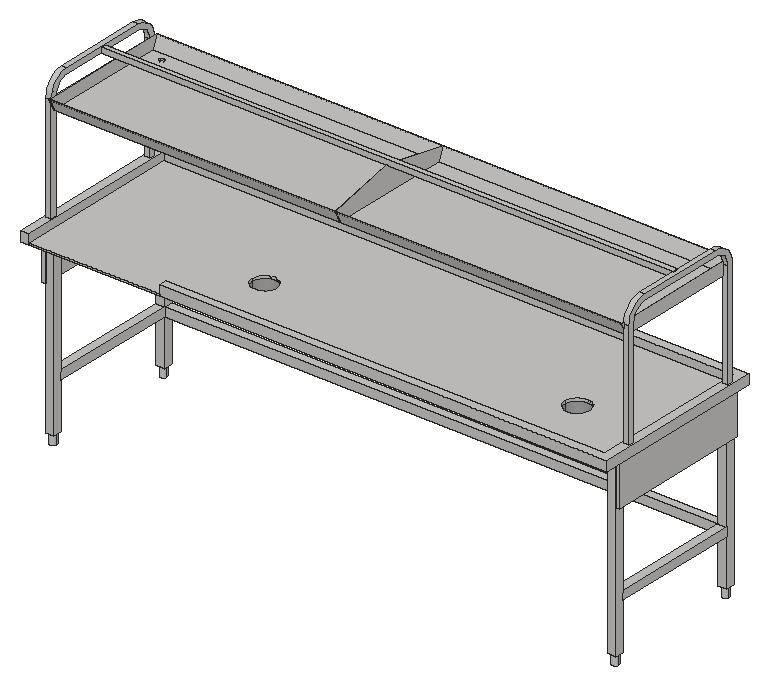
Revit family "QF_ELECTROLUXPROFESSIONAL_865340_BHST2708R", category Attrezzature speciali, Revit 2020
Family settings
  Quota connettore circolare = Usa diametro
  Tipo di parte = Normale
  Basato su piano di lavoro = No
  Sempre verticale = Sì
  Taglio con vuoti quando caricato = No
  Condiviso = No
  Punto di calcolo locali = No
Parameters (values of type "Standard")
  Weight = 24.00 kg
  Watts = 0 W
  Volts = 0 V
  URL Manufacturer = "https://www.electroluxprofessional.com/"
  URL = "https://www.electroluxprofessional.com/"
  Steam Supply Size = 0 mm
  Steam Supply Minimum Pressure = 0.0 Pa
  Steam Supply Maximum Pressure = 0.0 Pa
  Steam Consumption per Hour = 0
  Refrigeration Suction Line Size = 0 mm
  Refrigeration Liquid Line Size = 0 mm
  Refrigerant Compressor Remote = yes
  Prospetto di default = 0 mm
  Produttore = "Electrolux Professional"
  Phase = 0
  Modello = "BHST2708R"
  Length Actual = 2700 mm  # constant formula
  Item Number = "865340"
  Hot Water Size = 0 mm
  Height Actual = 1551 mm  # constant formula
  HP = "0 HP"
  Gas Size = 0 mm
  Gas KW = 0
  Gas Input Pressure = 0 W
  Direct Waste Size = 0 mm
  Description = "SORTING TABLE, RIGHT>LEFT, 2700X800 MM "
  Depth Actual = 800 mm  # constant formula
  Cycle = 0 Hz
  Condensate Return Size = 0 mm
  Compressed Air Volume = 0.0 L/s
  Compressed Air Size = 0 mm
  Compressed Air Pressure = 0.0 Pa
  Cold Water Size = 0 mm
  Accessory = yes
Reference planes
  plane 1 "Centro (Fronte/Retro)": y = 0
  plane 2: z = 0
  plane 3 "Centro (Sinistra/Destra)": x = 0
  plane 4: x = 1350
  plane 5: z = 1492
  plane 6: x = 20
  plane 7: y = -379.5
  plane 8: x = 56
  plane 9: y = -60
  plane 10: y = -695
  plane 11: x = 2700
  plane 12: x = 2644
Forms (mm)
  Extrusion 1, solid, material "QF_Finishes_Stainless Steel"
    sketch origin (-964, -40, 0) x (1, 0, 0) y (0, 1, 0)
      loop
        line (1000, 0) -> (1000, -40) -> (1040, -40) -> (1040, 0) -> (1000, 0)
    from 45 to 865
  Extrusion 2, solid, material "QF_Finishes_Stainless Steel"
    sketch origin (-964, -40, 0) x (1, 0, 0) y (0, 1, 0)
      loop
        circle (1020, -20) r 15
    from 0 to 45
  Extrusion 3, solid, material "QF_Finishes_Stainless Steel"
    sketch origin (-964, -675, 0) x (1, 0, 0) y (0, 1, 0)
      loop
        line (1000, 0) -> (1000, -40) -> (1040, -40) -> (1040, 0) -> (1000, 0)
    from 45 to 865
  Extrusion 4, solid, material "QF_Finishes_Stainless Steel"
    sketch origin (-964, -675, 0) x (1, 0, 0) y (0, 1, 0)
      loop
        circle (1020, -20) r 15
    from 0 to 45
  Extrusion 5, solid, material "QF_Finishes_Stainless Steel"
    sketch origin (0, 0, 0) x (1, 0, 0) y (0, 0, 1)
      loop
        line (76, 259.624) -> (2624, 259.624) -> (2624, 299.579) -> (76, 299.579) -> (76, 259.624)
    from 40 to 80
  Extrusion 6, solid, material "QF_Finishes_Stainless Steel"
    sketch origin (36, 0, 0) x (0, 1, 0) y (0, 0, 1)
      loop
        line (-80, 299.579) -> (-675, 299.579) -> (-675, 259.579) -> (-80, 259.579) -> (-80, 299.579)
    from 0 to 40
  Sweep 7, solid, material "QF_Finishes_Stainless Steel"
    path origin (0, 0, -12) x (0, 1, 0) y (0, 0, 1)
      loop
        line (-95, 922) -> (-95, 1412)
        arc (-95, 1412) -> (-118.431, 1468.569) -> (-175, 1492) r 80
        line (-175, 1492) -> (-584, 1492)
        arc (-584, 1492) -> (-640.569, 1468.569) -> (-664, 1412) r 80
        line (-664, 1412) -> (-664, 922)
    profile origin (0, -95, 1155) x (0, -1, 0) y (1, 0, 0)
      loop
        line (-12, 8) -> (12, 8) -> (12, 32) -> (-12, 32) -> (-12, 8)
  Extrusion 8, solid, material "QF_Finishes_Stainless Steel"
    sketch origin (0, 0, -12) x (0, 1, 0) y (0, 0, 1)
      loop
        line (-367.5, 1504) -> (-391.5, 1504) -> (-391.5, 1480) -> (-367.5, 1480) -> (-367.5, 1504)
    from 32 to 2668
  Extrusion 9, void
    sketch origin (32, 0, -6.687) x (0, 1, 0) y (0, 0, 1)
      loop
        line (-56.629, 1444.891) -> (-702.371, 1444.891) -> (-663.034, 1360.532) -> (-95.966, 1360.532) -> (-56.629, 1444.891)
    from 3.287 to 2634
  Extrusion 10, solid, material "QF_Finishes_Stainless Steel"
    sketch origin (32, 0, -12) x (0, 1, 0) y (0, 0, 1)
      loop
        line (-70.92, 1418.976) -> (-688.08, 1418.976) -> (-661.76, 1362.532) -> (-97.24, 1362.532) -> (-70.92, 1418.976)
    from 0 to 2636
  Extrusion 11, void
    sketch origin (0, 0, -12) x (1, 0, 0) y (0, 1, 0)
      loop
        circle (108.268, -136.161) r 12
    from 1301.755 to 1377.519
  Extrusion 12, solid, material "QF_Finishes_Stainless Steel"
    sketch origin (0, 0, -12) x (1, 0, 0) y (0, 1, 0)
      loop
        circle (108.21, -136.146) r 13
    from 1316.037 to 1362.532
  Extrusion 13, void
    sketch origin (0, 0, -12) x (1, 0, 0) y (0, 1, 0)
      loop
        circle (108.268, -136.161) r 10
    from 1301.755 to 1377.519
  Extrusion 14, solid, material "QF_Finishes_Stainless Steel"
    sketch origin (1700, 0, 865) x (-1, 0, 0) y (0, -1, 0)
      loop
        line (-960, 774) -> (-960, 40) -> (1660, 40) -> (1660, 814) -> (1060, 814) -> (1060, 774) -> (-960, 774)
    from 0 to 10
  Extrusion 15, solid, material "QF_Finishes_Stainless Steel"
    sketch origin (0, 0, 865) x (1, 0, 0) y (0, 1, 0)
      loop
        line (0, 0) -> (0, -814) -> (40, -814) -> (40, -40) -> (2660, -40) -> (2660, -774) -> (640, -774) -> (640, -814) -> (2700, -814) -> (2700, 0) -> (0, 0)
    from 0 to 45
  Extrusion 16, solid, material "QF_Finishes_Stainless Steel"
    sketch origin (2664, 0, 0) x (0, 1, 0) y (0, 0, -1)
      loop
        line (-80, -299.579) -> (-80, -259.579) -> (-675, -259.579) -> (-675, -299.579) -> (-80, -299.579)
    from 0 to 40
  Extrusion 17, void
    sketch origin (1720, -30, 0) x (1, 0, 0) y (0, 1, 0)
      loop
        circle (610, -490) r 58
    from 674.596 to 947.421
  Extrusion 18, void
    sketch origin (280, -30, 0) x (1, 0, 0) y (0, 1, 0)
      loop
        circle (610, -490) r 58
    from 674.596 to 947.421
  Extrusion 19, solid, material "QF_Finishes_Stainless Steel"
    sketch origin (251, 0, 0) x (0, 1, 0) y (0, 0, 1)
      loop
        line (-367.5, 1468) -> (-391.5, 1468) -> (-687.809, 1406.976) -> (-663.034, 1353.844) -> (-95.966, 1353.844) -> (-71.191, 1406.976) -> (-367.5, 1468)
    from 1098 to 1100
  Extrusion 20, solid, material "QF_Finishes_Stainless Steel"
    sketch origin (0, 0, 0) x (0, 1, 0) y (0, 0, 1)
      loop
        line (-40, 865) -> (-715, 865) -> (-715, 660) -> (-40, 660) -> (-40, 865)
    from 20 to 36
  Extrusion 21, solid, material "QF_Finishes_Stainless Steel"
    sketch origin (3664, -40, 0) x (-1, 0, 0) y (0, -1, 0)
      loop
        line (1000, 0) -> (1040, 0) -> (1040, 40) -> (1000, 40) -> (1000, 0)
    from 45 to 865
  Extrusion 22, solid, material "QF_Finishes_Stainless Steel"
    sketch origin (3664, -40, 0) x (-1, 0, 0) y (0, -1, 0)
      loop
        circle (1020, 20) r 15
    from 0 to 45
  Extrusion 23, solid, material "QF_Finishes_Stainless Steel"
    sketch origin (3664, -675, 0) x (-1, 0, 0) y (0, -1, 0)
      loop
        line (1000, 0) -> (1040, 0) -> (1040, 40) -> (1000, 40) -> (1000, 0)
    from 45 to 865
  Extrusion 24, solid, material "QF_Finishes_Stainless Steel"
    sketch origin (3664, -675, 0) x (-1, 0, 0) y (0, -1, 0)
      loop
        circle (1020, 20) r 15
    from 0 to 45
  Sweep 25, solid, material "QF_Finishes_Stainless Steel"
    path origin (2700, 0, -12) x (0, 1, 0) y (0, 0, -1)
      loop
        line (-95, -922) -> (-95, -1412)
        arc (-95, -1412) -> (-118.431, -1468.569) -> (-175, -1492) r 80
        line (-175, -1492) -> (-584, -1492)
        arc (-584, -1492) -> (-640.569, -1468.569) -> (-664, -1412) r 80
        line (-664, -1412) -> (-664, -922)
    profile origin (2700, -95, 1155) x (0, 1, 0) y (-1, 0, 0)
      loop
        line (12, 8) -> (12, 32) -> (-12, 32) -> (-12, 8) -> (12, 8)
  Extrusion 26, solid, material "QF_Finishes_Stainless Steel"
    sketch origin (2700, 0, 0) x (0, 1, 0) y (0, 0, -1)
      loop
        line (-40, -865) -> (-40, -660) -> (-715, -660) -> (-715, -865) -> (-40, -865)
    from 20 to 36
Cuts and joins
  Extrusion 9, Extrusion 13 cuts Extrusion 10
  Extrusion 11 cuts Extrusion 12
  Extrusion 17, Extrusion 18 cuts Extrusion 14
Dimensions and locks
  plane 5 to level = 1492 mm  (x2)
  Extrusion 5 to Extrusion 5 = 39.955 mm
  Extrusion 1 to Extrusion 3 = 595 mm
  plane 9 to plane 10 = 635 mm
  plane 11 to plane 3 "Centro (Sinistra/Destra)" = 2700 mm
  Sweep 7 to Sweep 7 = 545 mm
  plane 3 "Centro (Sinistra/Destra)" to plane 11 = 2700 mm
  cut or joined group of Extrusion 14, Extrusion 17, Extrusion 18 to plane 1 "Centro (Fronte/Retro)" = 814 mm
  Extrusion 15 to Extrusion 15 = 814 mm
  plane 12 to plane 8 = 2588 mm
  Extrusion 23 to Extrusion 3 = 2548 mm
  aligned and locked: level to plane 2
  aligned and locked: Extrusion 2 to Extrusion 1
  aligned and locked: Extrusion 4 to Extrusion 3
  aligned and locked: Extrusion 8 to Sweep 7
  aligned and locked: Extrusion 21 to Extrusion 22
  aligned and locked: Extrusion 23 to Extrusion 24
Nested families
  nested 1: "FORO_IMMONDIZIE - 200" at (2330, -520, 863.471), type "FORO_IMMONDIZIE - 200"
  nested 2: "FORO_IMMONDIZIE - 200" at (890, -520, 863.471), type "FORO_IMMONDIZIE - 200"
Definition of nested family "FORO_IMMONDIZIE - 200"
  Parameters (values of type "FORO_IMMONDIZIE - 200")
    Default Elevation = 1219.2 mm
  Reference planes
    plane 1 "Centro (Fronte/Retro)": y = 0
    plane 2: z = 0
    plane 3 "Centro (Sinistra/Destra)": x = 0
    plane 4: z = -110
  Forms (mm)
    Extrusion 1, solid, not visible
      sketch origin (0, 0, 0) x (1, 0, 0) y (0, 1, 0)
        loop
          line (-1219.2, 1219.2) -> (-1219.2, -1219.2) -> (1219.2, -1219.2) -> (1219.2, 1219.2) -> (-1219.2, 1219.2)
      from 0 to -304.8
    Extrusion 2, solid
      sketch origin (0, 0, 0) x (1, 0, 0) y (0, 1, 0)
        loop
          circle (0, 0) r 60
        loop
          circle (0, 0) r 90
      from -110 to 1.529
  Dimensions and locks
    aligned and locked: plane 2 to Extrusion 1
    aligned and locked: level to Extrusion 1
